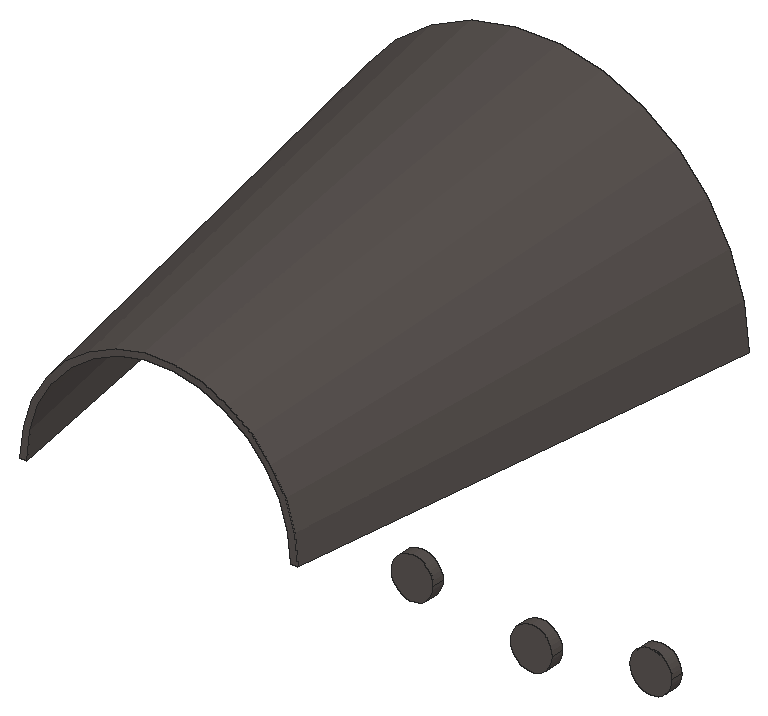
Revit family "Deca_Bide 3 furos_LK_B.23", category Plumbing Fixtures, host Face, Revit 2019
Family settings
  Host = Face
  Round Connector Dimension = Use Radius
  Part Type = Normal
  Cut with Voids When Loaded = No
  Shared = No
  Room Calculation Point = No
Parameters (values of type "B.23.22_Marrom Fosco")
  WFU = 0
  Vazão na Pressão mín. (L/min) = "-"
  Vazão na Pressão máx. (L/min) = "-"
  URL = "www.deca.com.br"
  Tipo de rosca de saída = "-"
  Tipo de rosca de entrada = "-"
  Tipo de mecanismo utilizado = "-"
  Tipo de dispositivo economizador = "-"
  Segmento = "Banheiro Luxo"
  Saída de Esgoto = "Saída de Esgoto Vertical"
  Raio Água Quente = 7.50 mm
  Raio Água Fria = 7.50 mm
  Raio Ponto de Esgoto = 20.00 mm
  Pressão mín. funcionamento = "-"
  Pressão mín. Aquec. Passagem = "-"
  Pressão mín. Aquec. Acúmulo = "-"
  Pressão máx. funcionamento = "-"
  Peso Líquido (Kg) = 22.752
  Norma = "NBR-16728-1;NBR-16728-2"
  Model = "B.23.22"
  Material = Deca_Marrom Fosco
  Manufacturer = "Deca"
  Linha = "LK"
  Itens de Instalação = "1895.C14; 1895.C26; 1895.C33; 1895.C34; 1895.C35; 1895.C37; 1895.C38; 1895.C40.CR; 1895.C43; 1895.C50; 1895.C52; 1895.C64; 1895.C81; 1895.C84; 1895.C86; 1895.C87; 1895.C90; 1895.C94; SP.13.01"
  Informações Complementares = "-"
  Diâmetro Água Quente = 2 * Raio Água Quente  # 15.00 mm
  Diâmetro Água Fria = 2 * Raio Água Fria  # 15.00 mm
  Diâmetro Ponto de Esgoto = 2 * Raio Ponto de Esgoto  # 40.00 mm
  Description = "Bidê com 3 furos"
  Default Elevation = 0.00 mm
  Código Pai = "B.23"
  Criado por = "quattroD"
  Cores Componente = "Não Possui"
  Cor Secundária = "-"
  Cor Principal = "Marrom fosco"
  Cor Interna = "-"
  Consumo = "-"
  Composição Componente = "Não Possui"
  Composição Básica = "Argila, feldspato, caulim, vidrados e corantes inorgânicos."
  Composição Assento = "-"
  Composição Anel Vedação = "-"
  Categoria = "BACIAS E BIDES"
  CWFU = 0
  Atendimento ao Cliente = "0800-0117073"
  Assembly Code = ""
  Aprovado por = "quattroD"
  Acompanha o Produto = "-"
Types (4, lengths in mm): name | Model | Material | Cor Principal
  B.23.17_Branco | "B.23.17" | Deca_Branco | "Branco"
  B.23.22_Marrom Fosco | "B.23.22" | Deca_Marrom Fosco | "Marrom fosco"
  B.23.86_Cinza Fosco | "B.23.86" | Deca_Cinza Fosco | "Cinza fosco"
  B.23.94_Ebano Fosco | "B.23.94" | Deca_Ébano Fosco | "Ébano fosco"
Reference planes
  plane 1 "Center (Front/Back)": y = 0
  plane 2: z = 0
  plane 3 "Center (Left/Right)": x = 0
  plane 4 "Top 1": y = 400
  plane 5 "Front 3": z = 585
  plane 6 "Left 1": x = -177.5
  plane 7 "Right 1": x = 177.5
  plane 8 "Front 1": z = 71.016
  plane 9 "Front 2": z = 328.008
  plane 10: z = 255
  plane 11: y = 240
  plane 12: z = 515.635
  plane 13: x = 114.886
Forms (mm)
  Extrusion 1, solid, material "Deca_Marrom Fosco" <- "Material", not visible
    sketch origin (-1.094, 0, 0) x (1, 0, 0) y (0, 1, 0)
      loop
        circle (-98.901, 239.664) r 1
      loop
        circle (101.088, 239.664) r 1
    from 0 to 0.288
  Blend 2, solid, material "Deca_Marrom Fosco" <- "Material"
    base sketch origin (-1.094, 800, 0) x (1, 0, 0) y (0, 0, -1)
      loop
        arc (-114.951, -400.424) -> (0.987, -516.363) -> (116.926, -400.424) r 115.939
        line (116.926, -400.424) -> (111.682, -400.424)
        arc (111.682, -400.424) -> (1.032, -511.075) -> (-109.619, -400.424) r 110.651
        line (-109.619, -400.424) -> (-114.951, -400.424)
    top sketch origin (-1.094, 800, 0) x (1, 0, 0) y (0, 0, -1)
      loop
        line (177.575, -408.544) -> (172.626, -408.544)
        arc (172.626, -408.544) -> (0.993, -580.177) -> (-170.64, -408.544) r 171.633
        line (-170.64, -408.544) -> (-175.632, -408.544)
        arc (-175.632, -408.544) -> (0.972, -585.148) -> (177.575, -408.544) r 176.604
    from -800 to -404.04
  Extrusion 3, solid, material "Deca_Marrom Fosco" <- "Material", not visible
    sketch origin (0, 0, 19.974) x (1, 0, 0) y (0, 0, 1)
      loop
        circle (0, 235) r 0.924
    from 1.973 to 2.169
  Extrusion 4, solid, material "Deca_Marrom Fosco" <- "Material"
    sketch origin (0, 0, 0) x (1, 0, 0) y (0, 0, 1)
      loop
        circle (99.944, 144.902) r 17.5
      loop
        circle (-99.944, 144.902) r 17.5
      loop
        circle (0, 127.279) r 17.5
    from -400 to -390
Lines and regions (mm)
  Masking region 1
    outline origin (0, 0, 0) x (1, 0, 0) y (0, 1, 0)
      loop
        line (-107.97, 0) -> (107.984, 0) -> (178.522, 400.026) -> (-178.518, 400.026) -> (-107.97, 0)
  Masking region 2
    outline origin (0, 0, 0) x (1, 0, 0) y (0, 0, 1)
      loop
        line (177.5, 71.016) -> (177.5, 411.015)
        arc (177.5, 411.015) -> (0, 586.016) -> (-177.5, 411.015) r 177.518
        line (-177.5, 411.015) -> (-177.5, 71.016) -> (177.5, 71.016)
  Masking region 3
    outline origin (0, 0, 0) x (0, 1, 0) y (0, 0, 1)
      loop
        line (400.026, 71.016) -> (400.026, 586.028) -> (0, 515.486) -> (0, 71.016) -> (400.026, 71.016)
  symbolic lines
    curve 1: line (125.01, 0, 313.31) -> (125.01, 0, 411.015)
    curve 2: line (-125.01, 0, 411.015) -> (-125.01, 0, 313.31)
    curve 3: arc (125.01, 0, 411.015) -> (0, 0, 536.026) -> (-125.01, 0, 411.015) r 125.01
    curve 4: arc (125.01, 0, 313.31) -> (0, 0, 188.3) -> (-125.01, 0, 313.31) r 125.01
    curve 5: circle (0.002, 0, 256.113) r 22.863 normal (0, -1, 0)
    curve 6: circle (0.001, 0, 406.018) r 13.495 normal (0, -1, 0)
    curve 7: circle (100.002, 0, 145.011) r 17.502 normal (0, -1, 0)
    curve 8: circle (0.004, 0, 127.512) r 17.502 normal (0, -1, 0)
    curve 9: circle (-100.012, 0, 145.009) r 17.502 normal (0, -1, 0)
    curve 10: circle (0.249, 0, 256.855) r 35.21 normal (0, -1, 0)
  model lines
    curve 11: circle (99.944, 0, 144.902) r 17.5 normal (0, -1, 0)
    curve 12: circle (-99.944, 0, 144.902) r 17.5 normal (0, 1, 0)
    curve 13: circle (0, 0, 127.279) r 17.5 normal (0, 1, 0)
    curve 14: line (99.944, 400, 127.402) -> (99.944, 400, 162.402)
    curve 15: line (117.444, 400, 144.902) -> (82.5, 400, 144.902)
    curve 16: line (17.506, 400, 127.512) -> (-17.498, 400, 127.512)
    curve 17: line (0, 400, 144.779) -> (0, 400, 110.01)
    curve 18: line (-99.944, 400, 162.402) -> (-99.944, 400, 127.402)
    curve 19: line (-82.444, 400, 144.902) -> (-117.513, 400, 144.902)
Dimensions and locks
  aligned and locked: host face to plane 2
  aligned and locked: level to host face
Connectors
  piping at (-99.994, 239.664, 0.288), diameter 15, driven by "Raio Água Quente"
    settings: on Extrusion 1, index 1, connector inside diameter 24", connector length 0.00 mm, flow factor 0, pipe flow 0 GPM, pressure drop 0.00 psi, fitting loss kfactor 0, connector angle 0.00°, fixture units 0, engagement length 0.00 mm, angle of deflection 0.00°, flow configuration 3, flow direction 1, fitting loss method 4, system type 19, joint type 0, gender type 0, connector reference index -1, connector utility 0, adjustable connector no, is connector primary yes, connector description ""
  piping at (99.994, 239.664, 0.288), diameter 15, driven by "Raio Água Fria"
    settings: on Extrusion 1, index 2, connector inside diameter 24", connector length 0.00 mm, flow factor 0, pipe flow 0 GPM, pressure drop 0.00 psi, fitting loss kfactor 0, connector angle 0.00°, fixture units 0, engagement length 0.00 mm, angle of deflection 0.00°, flow configuration 3, flow direction 1, fitting loss method 4, system type 20, joint type 0, gender type 0, connector reference index -1, connector utility 0, adjustable connector no, is connector primary no, connector description ""
  piping at (0, -2.169, 254.974), diameter 40, driven by "Raio Ponto de Esgoto"
    settings: on Extrusion 3, index 3, connector inside diameter 24", connector length 0.00 mm, flow factor 0, pipe flow 0 GPM, pressure drop 0.00 psi, fitting loss kfactor 0, connector angle 0.00°, fixture units 0, engagement length 0.00 mm, angle of deflection 0.00°, flow configuration 3, flow direction 2, fitting loss method 4, system type 16, joint type 0, gender type 0, connector reference index -1, connector utility 0, adjustable connector no, is connector primary no, connector description ""
